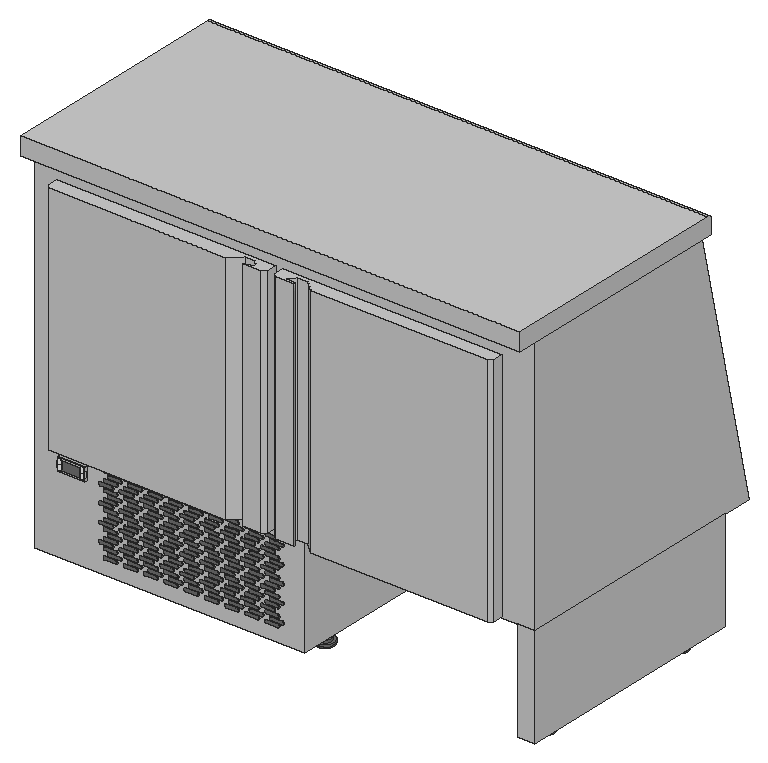
Revit family "QF_INFRICO_VC1400_250815094036", category Specialty Equipment, Revit 2021 (continued)
Definition of nested family "QF_INFRICO_VC1400_2920"
  Forms (mm)
    Extrusion 50, solid
      sketch origin (494.63, 224.503, 312) x (1, 0, 0) y (0, 1, 0)
        loop
          line (207.37, -986.503) -> (207.37, -1014.503) -> (217.37, -1024.503) -> (267.37, -1024.503)
          arc (267.37, -1024.503) -> (269.37, -1022.503) -> (267.37, -1020.503) r 2
          line (267.37, -1020.503) -> (242.37, -1016.503) -> (242.37, -1012.503) -> (256.37, -998.503) -> (284.37, -998.503) -> (314.37, -1024.503) -> (804.37, -1024.503) -> (814.37, -1014.503) -> (814.37, -986.503) -> (207.37, -986.503)
      from 0 to 650
    Extrusion 51, solid
      sketch origin (889.37, 224.503, 312) x (-1, 0, 0) y (0, -1, 0)
        loop
          line (207.37, 986.503) -> (814.37, 986.503) -> (814.37, 1014.503) -> (804.37, 1024.503) -> (314.37, 1024.503) -> (284.37, 998.503) -> (256.37, 998.503) -> (242.37, 1012.503) -> (242.37, 1016.503) -> (267.37, 1020.503)
          arc (267.37, 1020.503) -> (269.37, 1022.503) -> (267.37, 1024.503) r 2
          line (267.37, 1024.503) -> (217.37, 1024.503) -> (207.37, 1014.503) -> (207.37, 986.503)
      from 0 to 650
    Extrusion 52, solid
      sketch origin (0, 0, 0) x (1, 0, 0) y (0, 0, 1)
        loop
          line (90, 947) -> (90, 327) -> (667, 327) -> (667, 947) -> (90, 947)
        loop
          line (120, 917) -> (120, 357) -> (637, 357) -> (637, 917) -> (120, 917)
      from 744 to 762
    Extrusion 53, solid
      sketch origin (627, 0, 0) x (1, 0, 0) y (0, 0, 1)
        loop
          line (90, 947) -> (90, 327) -> (667, 327) -> (667, 947) -> (90, 947)
        loop
          line (120, 917) -> (120, 357) -> (637, 357) -> (637, 917) -> (120, 917)
      from 744 to 762
    Extrusion 54, solid
      sketch origin (0, 0, 0) x (0, 1, 0) y (0, 0, 1)
        loop
          line (-744, 968) -> (-744, 338) -> (-734, 338) -> (-734, 968) -> (-744, 968)
      from 55 to 1329
    Extrusion 55, solid, visible <- "Show Logo"
      sketch origin (1539.72, 107.371, -255.492) x (-1, 0, 0) y (0, 0.220089, -0.97548)
        loop
          line (1208.799, -696.53) -> (1204.173, -696.53) -> (1204.173, -719.204) -> (1208.799, -719.204) -> (1208.799, -696.53)
        loop
          arc (1214.779, -713.006) -> (1215.36, -712.765) -> (1215.601, -712.184) r 0.822
          line (1215.601, -712.184) -> (1215.669, -711.361)
          arc (1215.669, -711.361) -> (1218.282, -712.674) -> (1221.141, -713.281) r 11.435
          arc (1221.141, -713.281) -> (1224.637, -712.075) -> (1226.121, -708.689) r 4.607
          line (1226.121, -708.689) -> (1226.121, -696.53) -> (1221.598, -696.53) -> (1221.598, -707.557)
          arc (1221.598, -707.557) -> (1220.929, -708.961) -> (1219.417, -709.324) r 1.806
          arc (1219.417, -709.324) -> (1217.528, -708.741) -> (1215.772, -707.832) r 11.052
          line (1215.772, -707.832) -> (1215.772, -696.53) -> (1211.283, -696.53) -> (1211.283, -713.006) -> (1214.779, -713.006)
        loop
          line (1238.557, -720.102) -> (1238.557, -717.255)
          arc (1238.557, -717.255) -> (1238.306, -716.65) -> (1237.7, -716.399) r 0.857
          line (1237.7, -716.399) -> (1236.045, -716.271)
          arc (1236.045, -716.271) -> (1234.956, -715.705) -> (1234.547, -714.548) r 1.67
          line (1234.547, -714.548) -> (1234.547, -712.938) -> (1238.249, -712.938) -> (1238.249, -709.374) -> (1234.547, -709.374) -> (1234.547, -696.53) -> (1230.024, -696.53) -> (1230.024, -709.374) -> (1227.351, -709.374) -> (1227.351, -712.703) -> (1230.024, -712.909) -> (1230.024, -715.062)
          arc (1230.024, -715.062) -> (1230.805, -717.616) -> (1232.881, -719.297) r 4.567
          arc (1232.881, -719.297) -> (1235.052, -719.926) -> (1237.306, -720.102) r 11.103
          line (1237.306, -720.102) -> (1238.557, -720.102)
        loop
          line (1239.479, -713.006) -> (1243.726, -713.006) -> (1243.899, -710.984)
          arc (1243.899, -710.984) -> (1246.197, -712.588) -> (1248.912, -713.28) r 7.833
          arc (1248.912, -713.28) -> (1249.531, -713.061) -> (1249.793, -712.458) r 0.824
          line (1249.793, -712.458) -> (1249.793, -710.265)
          arc (1249.793, -710.265) -> (1249.643, -709.758) -> (1249.241, -709.416) r 0.928
          line (1249.241, -709.416) -> (1248.077, -709.268)
          arc (1248.077, -709.268) -> (1245.873, -708.631) -> (1243.968, -707.352) r 7.435
          line (1243.968, -707.352) -> (1243.968, -696.53) -> (1239.479, -696.53) -> (1239.479, -713.006)
        loop
          line (1255.495, -696.53) -> (1251.006, -696.53) -> (1251.006, -713.006) -> (1255.495, -713.006) -> (1255.495, -696.53)
        loop
          line (1257.421, -701.327) -> (1257.421, -708.243)
          arc (1257.421, -708.243) -> (1258.571, -711.349) -> (1261.466, -712.959) r 4.772
          arc (1261.466, -712.959) -> (1264.493, -713.294) -> (1267.521, -712.959) r 13.851
          arc (1267.521, -712.959) -> (1270.524, -710.556) -> (1271.505, -706.838) r 6.132
          line (1271.505, -706.838) -> (1267.187, -706.838) -> (1267.187, -707.9)
          arc (1267.187, -707.9) -> (1266.64, -709.118) -> (1265.442, -709.705) r 1.965
          arc (1265.442, -709.705) -> (1264.547, -709.754) -> (1263.653, -709.705) r 8.196
          arc (1263.653, -709.705) -> (1262.417, -709.155) -> (1261.91, -707.9) r 1.806
          line (1261.91, -707.9) -> (1261.91, -701.67)
          arc (1261.91, -701.67) -> (1262.417, -700.415) -> (1263.653, -699.865) r 1.806
          arc (1263.653, -699.865) -> (1264.547, -699.816) -> (1265.442, -699.865) r 8.196
          arc (1265.442, -699.865) -> (1266.64, -700.452) -> (1267.187, -701.67) r 1.965
          line (1267.187, -701.67) -> (1267.187, -703.041) -> (1271.505, -703.041)
          arc (1271.505, -703.041) -> (1270.575, -699.134) -> (1267.521, -696.525) r 6.481
          arc (1267.521, -696.525) -> (1264.493, -696.266) -> (1261.466, -696.525) r 17.816
          arc (1261.466, -696.525) -> (1258.567, -698.188) -> (1257.421, -701.327) r 4.873
        loop
          line (1272.916, -701.329) -> (1272.916, -708.242)
          arc (1272.916, -708.242) -> (1273.993, -711.226) -> (1276.726, -712.837) r 4.676
          arc (1276.726, -712.837) -> (1278.515, -713.116) -> (1280.318, -713.28) r 28.371
          arc (1280.318, -713.28) -> (1282.122, -713.116) -> (1283.911, -712.837) r 28.371
          arc (1283.911, -712.837) -> (1286.644, -711.226) -> (1287.72, -708.242) r 4.676
          line (1287.72, -708.242) -> (1287.72, -701.329)
          arc (1287.72, -701.329) -> (1286.644, -698.345) -> (1283.911, -696.734) r 4.676
          arc (1283.911, -696.734) -> (1282.122, -696.455) -> (1280.318, -696.291) r 28.371
          arc (1280.318, -696.291) -> (1278.515, -696.455) -> (1276.726, -696.734) r 28.371
          arc (1276.726, -696.734) -> (1273.993, -698.345) -> (1272.916, -701.329) r 4.676
        loop
          arc (1277.405, -707.866) -> (1277.844, -709.015) -> (1278.936, -709.58) r 1.725
          arc (1278.936, -709.58) -> (1279.627, -709.653) -> (1280.318, -709.716) r 46.133
          arc (1280.318, -709.716) -> (1281.01, -709.653) -> (1281.701, -709.58) r 46.133
          arc (1281.701, -709.58) -> (1282.793, -709.015) -> (1283.231, -707.866) r 1.725
          line (1283.231, -707.866) -> (1283.231, -701.705)
          arc (1283.231, -701.705) -> (1282.793, -700.556) -> (1281.701, -699.991) r 1.725
          arc (1281.701, -699.991) -> (1281.01, -699.918) -> (1280.318, -699.856) r 46.133
          arc (1280.318, -699.856) -> (1279.627, -699.918) -> (1278.936, -699.991) r 46.133
          arc (1278.936, -699.991) -> (1277.844, -700.556) -> (1277.405, -701.705) r 1.725
          line (1277.405, -701.705) -> (1277.405, -707.866)
        loop
          line (1190.339, -696.543) -> (1170.042, -696.543)
          arc (1170.042, -696.543) -> (1168.969, -696.987) -> (1168.525, -698.059) r 1.516
          line (1168.525, -698.059) -> (1168.525, -703.891) -> (1164.346, -703.891)
          arc (1164.346, -703.891) -> (1163.591, -704.121) -> (1163.163, -704.782) r 1.147
          line (1163.163, -704.782) -> (1163.163, -706.211)
          arc (1163.163, -706.211) -> (1163.594, -707.258) -> (1164.662, -707.634) r 1.385
          line (1164.662, -707.634) -> (1165.861, -707.634) -> (1163.163, -710.332)
          arc (1163.163, -710.332) -> (1162.776, -711.266) -> (1163.163, -712.2) r 1.321
          line (1163.163, -712.2) -> (1163.886, -712.923)
          arc (1163.886, -712.923) -> (1164.841, -713.338) -> (1165.823, -712.991) r 1.422
          line (1165.823, -712.991) -> (1168.528, -710.286) -> (1168.528, -711.479)
          arc (1168.528, -711.479) -> (1168.938, -712.516) -> (1169.946, -712.992) r 1.516
          line (1169.946, -712.992) -> (1170.867, -712.992)
          arc (1170.867, -712.992) -> (1171.87, -712.514) -> (1172.278, -711.479) r 1.516
          line (1172.278, -711.479) -> (1172.278, -706.83) -> (1178.308, -701.336) -> (1178.308, -707.509) -> (1174.742, -711.075)
          arc (1174.742, -711.075) -> (1174.328, -712.073) -> (1174.742, -713.071) r 1.412
          line (1174.742, -713.071) -> (1175.394, -713.723)
          arc (1175.394, -713.723) -> (1176.442, -714.141) -> (1177.466, -713.667) r 1.428
          line (1177.466, -713.667) -> (1178.308, -712.825) -> (1178.308, -717.784)
          arc (1178.308, -717.784) -> (1178.723, -718.787) -> (1179.726, -719.203) r 1.418
          line (1179.726, -719.203) -> (1180.655, -719.203)
          arc (1180.655, -719.203) -> (1181.658, -718.787) -> (1182.073, -717.784) r 1.418
          line (1182.073, -717.784) -> (1182.073, -712.825) -> (1182.915, -713.667)
          arc (1182.915, -713.667) -> (1183.939, -714.141) -> (1184.987, -713.723) r 1.428
          line (1184.987, -713.723) -> (1185.639, -713.071)
          arc (1185.639, -713.071) -> (1186.053, -712.073) -> (1185.639, -711.075) r 1.412
          line (1185.639, -711.075) -> (1182.073, -707.509) -> (1182.073, -701.336) -> (1188.103, -706.83) -> (1188.103, -711.479)
          arc (1188.103, -711.479) -> (1188.511, -712.514) -> (1189.514, -712.992) r 1.516
          line (1189.514, -712.992) -> (1190.435, -712.992)
          arc (1190.435, -712.992) -> (1191.443, -712.516) -> (1191.853, -711.479) r 1.516
          line (1191.853, -711.479) -> (1191.853, -710.286) -> (1194.558, -712.991)
          arc (1194.558, -712.991) -> (1195.54, -713.338) -> (1196.495, -712.923) r 1.422
          line (1196.495, -712.923) -> (1197.218, -712.2)
          arc (1197.218, -712.2) -> (1197.605, -711.266) -> (1197.218, -710.332) r 1.321
          line (1197.218, -710.332) -> (1194.52, -707.634) -> (1195.719, -707.634)
          arc (1195.719, -707.634) -> (1196.787, -707.258) -> (1197.218, -706.211) r 1.385
          line (1197.218, -706.211) -> (1197.218, -704.782)
          arc (1197.218, -704.782) -> (1196.79, -704.121) -> (1196.035, -703.891) r 1.147
          line (1196.035, -703.891) -> (1191.856, -703.891) -> (1191.856, -698.059)
          arc (1191.856, -698.059) -> (1191.411, -696.987) -> (1190.339, -696.543) r 1.516
      from 0 to 2
    Extrusion 56, solid
      sketch origin (0, -718.368, 505.047) x (1, 0, 0) y (0, 0.975536, 0.219839)
        loop
          circle (1349.5, 611.158) r 9
      from 0 to 220
    Extrusion 57, solid
      sketch origin (0, -705.191, 490.59) x (1, 0, 0) y (0, 0.975536, 0.219839)
        loop
          circle (1350.216, 601.481) r 5
      from 0 to 254
    Extrusion 58, solid
      sketch origin (0, -2.198, 9.755) x (0, 1, 0) y (0, 0, 1)
        loop
          circle (-170.526, 854.021) r 3
      from 1345.216 to 1359
    Extrusion 59, solid
      sketch origin (0, 50.563, -224.373) x (0, 1, 0) y (0, 0, 1)
        loop
          circle (-170.526, 854.021) r 3
      from 1340 to 1355.216
    Extrusion 60, solid
      sketch origin (1384, -718.368, 505.047) x (-1, 0, 0) y (0, -0.975536, -0.219839)
        loop
          circle (1349.5, -611.158) r 9
      from 0 to 220
    Extrusion 61, solid
      sketch origin (1384, -705.191, 490.59) x (-1, 0, 0) y (0, -0.975536, -0.219839)
        loop
          circle (1350.216, -601.481) r 5
      from 0 to 254
    Extrusion 62, solid
      sketch origin (1384, -2.198, 9.755) x (0, 1, 0) y (0, 0, -1)
        loop
          circle (-170.526, -854.021) r 3
      from 1345.216 to 1359
    Extrusion 63, solid
      sketch origin (1384, 50.563, -224.373) x (0, 1, 0) y (0, 0, -1)
        loop
          circle (-170.526, -854.021) r 3
      from 1340 to 1355.216
    Extrusion 64, solid, visible <- "Show Clearance", detail levels coarse
      sketch origin (0, 0, 0) x (0, 1, 0) y (0, 0, 1)
        loop
          line (-174.517, 990) -> (-27.224, 336.391)
          arc (-27.224, 336.391) -> (369.917, 616.539) -> (452.643, 1095.454) r 635
          line (452.643, 1095.454) -> (444.949, 1129.598) -> (-174.517, 990)
      from 44 to 1340
  Cuts and joins
    joined: Extrusion 1, Extrusion 2, Extrusion 4, Extrusion 7, Extrusion 8, Extrusion 9, Extrusion 10, Extrusion 17, Extrusion 54
    joined: Extrusion 5, Extrusion 18
  Lines and regions (mm)
    symbolic lines
      curve 1: line (0, -800, 0) -> (1384, -800, 0)
      curve 2: line (1384, -800, 0) -> (1384, -4, 0)
      curve 3: line (1384, -4, 0) -> (1359, -4, 0)
      curve 4: line (1359, -4, 0) -> (1359, -54, 0)
      curve 5: line (1359, -54, 0) -> (1340, -54, 0)
      curve 6: line (1340, -54, 0) -> (1340, -27.224, 0)
      curve 7: line (1340, -27.224, 0) -> (44, -27.224, 0)
      curve 8: line (44, -27.224, 0) -> (44, -54, 0)
      curve 9: line (44, -54, 0) -> (25, -54, 0)
      curve 10: line (25, -54, 0) -> (25, -4, 0)
      curve 11: line (25, -4, 0) -> (0, -4, 0)
      curve 12: line (0, -4, 0) -> (0, -800, 0)
      curve 13: line (0, -134, 0) -> (1384, -134, 0)
      curve 14: line (25, -54, 0) -> (25, -134, 0)
      curve 15: line (44, -54, 0) -> (44, -134, 0)
      curve 16: line (92, -134, 0) -> (92, -37.777, 0)
      curve 17: line (92, -37.777, 0) -> (1292, -37.777, 0)
      curve 18: line (1292, -37.777, 0) -> (1292, -134, 0)
      curve 19: line (1340, -54, 0) -> (1340, -134, 0)
      curve 20: line (1359, -54, 0) -> (1359, -134, 0)
    symbolic lines, visible <- "Show Clearance"
      curve 21: line (44, -27.224, 0) -> (44, 468.178, 0)
      curve 22: line (44, 468.178, 0) -> (1340, 468.178, 0)
      curve 23: line (1340, 468.178, 0) -> (1340, -27.224, 0)
  Dimensions and locks
    plane 1 "Back" to plane 5 "Front" = 800 mm  (x2)
    plane 3 "Left" to plane 4 "Right" = 1384 mm
    plane 6 "Top" to level = 1060 mm  (x2)
    plane 4 "Right" to plane 3 "Left" = 1384 mm
    aligned and locked: level to plane 2
Definition of nested family "CONN_POINT_DRAIN_2D___Generic_Annotation"
  Parameters (values of type "CONN_POINT_DRAIN_2D___Generic_Annotation")
    Onboard connection annotation symbol visibility [instance] = yes
  Reference planes
    plane 1: y = 0
    plane 2: x = 0
  Lines and regions (mm)
    detail lines, visible <- "Onboard connection annotation symbol visibility"
      curve 1: circle (0, 0, 0) r 0.5 normal (0, 0, 1)
      curve 2: line (-1, 0, 0) -> (1, 0, 0)
      curve 3: line (0, 1, 0) -> (0, -1, 0)
      curve 4: line (1.776, 1, 0) -> (1.25, 1, 0)
      curve 5: line (1.25, 1, 0) -> (1.25, -1, 0)
      curve 6: line (1.25, -1, 0) -> (1.776, -1, 0)
      curve 7: arc (2.206, -0.862, 0) -> (2.459, -0.589, 0) -> (2.583, -0.238, 0) r 0.918
      curve 8: arc (2.583, 0.238, 0) -> (2.459, 0.589, 0) -> (2.206, 0.862, 0) r 0.918
      curve 9: arc (2.583, -0.238, 0) -> (2.599, 0, 0) -> (2.583, 0.238, 0) r 1.77
      curve 10: arc (2.206, 0.862, 0) -> (2.002, 0.965, 0) -> (1.776, 1, 0) r 0.741
      curve 11: arc (1.776, -1, 0) -> (2.002, -0.965, 0) -> (2.206, -0.862, 0) r 0.741
Definition of nested family "CONN_POINT_ELE_2D___Generic_Annotation"
  Parameters (values of type "CONN_POINT_ELE_2D___Generic_Annotation")
    Onboard connection annotation symbol visibility [instance] = yes
  Reference planes
    plane 1: y = 0
    plane 2: x = 0
  Lines and regions (mm)
    detail lines, visible <- "Onboard connection annotation symbol visibility"
      curve 1: circle (0, 0, 0) r 0.5 normal (0, 0, 1)
      curve 2: line (-1, 0, 0) -> (1, 0, 0)
      curve 3: line (0, 1, 0) -> (0, -1, 0)
      curve 4: line (2.5, 1, 0) -> (1.25, 1, 0)
      curve 5: line (1.25, 1, 0) -> (1.25, -1, 0)
      curve 6: line (1.25, -1, 0) -> (2.5, -1, 0)
      curve 7: line (1.25, 0, 0) -> (2, 0, 0)
